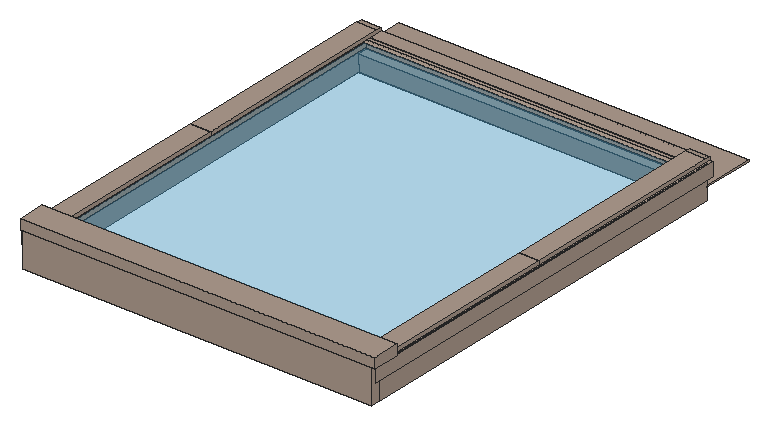
Revit family "GGU_Integra_v_1.01", category Окна, Revit 2017
Family settings
  Основа = Крыша
  Всегда вертикально = Нет
  При загрузке вырезать с полостями = Нет
  Общий = Нет
  Точка расчета площади = Нет
Parameters (values of type "Default")
  g-value = "0.64"
  Youtube clip = ""
  Window Area = 2.14
  Ширина = 1340 mm
  Weight Net (kg) = ""
  Warranty Years = "5 (10 with BDX)"
  Warranty = ""
  Uniclass 2.0 Description = "Roof Window Units"
  Uniclass 2.0 Code = "PR-59-72"
  Uniclass 1.4 Description = "Rooflights/Roof windows"
  Uniclass 1.4 Code = "JL11"
  URL = "http://file-system.ru/catalog/zdaniya_i_sooruzheniya/eksterer/okna/ggu_integra_velux_premium_mansardnoe_okno_/"
  UNSPC code = 301516
  UNSPC Category = "Roofing accessories"
  ThermalTransmittance - Glazing = "1.1"
  ThermalTransmittance = "1.3"
  Thermal bridge(glazing) = 0.057
  Thermal bridge = "0.09"
  Thermal Transmittance(frame) = 1.3
  Technical description = ""
  Stock Product = ""
  Square Reveal Length = 150 mm
  Sound Insulation db = 35
  Roof Slope = 45.00°
  Product identifier = ""
  Product group = "GGU Integra 1.01"
  Product family = "Center pivot hung roof window"
  Product data url = "http://www.velux.co.uk/private/products/velux_roof_windows/pivot/ggl"
  Product certification = ""
  Product SKU = "ggui101"
  Placement Height = 0 mm
  Perimeter Window = 5.88
  Perimeter Glazing = 5.13
  Panel Offset = -119 mm  # constant formula
  Operation Mode = "Electrical"
  Open Window = no
  Offset from Roof = Placement Height + 169 mm  # 169 mm
  Name of the object = "New Generation - GGU Integra"
  NBS Reference Description = "Roof Window Units"
  NBS Reference = "59-72"
  Группа модели = "New Generation - GGU Integra"
  Material secondary = Glass 73Q + ISD 0000
  Material main = Wood
  Manufacturer country = "Denmark"
  Manufacturer URL = "www.velux.com"
  Изготовитель = "VELUX A/S"  # constant formula
  Light transmittance = "0.79"
  Installation instructions = "http://www.velux.co.uk/professionals/installation"
  IFC Classification = "Window"
  Height = 1600 mm
  GlazingAreaFraction = "0.36"
  Function = "Electrical pivot hung roof window"
  Frame Area = 1.78
  Emergency Exit = no
  Edition number = "1"
  EAN code = ""
  Design country = "Denmark"
  Delivery Time = ""
  Date of publishing = "6/27/2013"
  Chain(box)-length = if(Open Window, 200 mm, 17 mm)  # 17 mm
  COBIe Type Category = ""
  Код по классификатору = "B3020110"
  Apron Visible [instance] = yes
  Angled opening top [instance] = 135.00°
  Angled opening bottom [instance] = 135.00°
  Angle = -19.9892°
  Allowed Roof Slope = "15°-90°"
Reference planes
  plane 1 "Center (Front/Back)": y = 0
  plane 2 "Roof": z = 4000
  plane 3 "Center (Left/Right)": x = 0
  plane 4: x = -690.1
  plane 5: x = 690.1
  plane 6: y = 817.561
  plane 7: y = -817.561
  plane 8: y = 75
  plane 9: y = -75
  plane 10: z = 4419
  plane 11: z = 4250
  plane 12: y = -797.561
  plane 13: y = -769.561
  plane 14: y = 769.561
  plane 15: x = -450
  plane 16: x = 450
  plane 17: z = 4331
  plane 18 "Roof Face": z = 4250
  plane 19: x = 463.5
  plane 20: x = -463.5
  plane 21: y = -767.461
  plane 22: z = 4175
  plane 23: y = 897.561
  plane 24: y = -897.561
  plane 25: x = 708.1
  plane 26: x = -708.1
  plane 27: x = 668.602
  plane 28: x = -668.602
  plane 29: x = -628
  plane 30: x = 628
  plane 31: z = 4327.2
  plane 32: z = 4310.2
  plane 33: y = -745.061
  plane 34: y = -801.861
  plane 35: y = 809.139
  plane 36: x = 670
  plane 37: x = -670
  plane 38: y = 798.139
  plane 39: x = 642.697
  plane 40: x = -642.697
Forms (mm)
  Sweep 1, void
    path origin (0, 0, 4000) x (1, 0, 0) y (0, 1, 0)
      loop
        line (642.697, 0) -> (-642.697, 0)
    profile origin (0, 0, 4000) x (0, -1, 0) y (0, 0, 1)
      loop
        line (769.561, 250) -> (-769.561, 250) -> (-769.561, 100) -> (-869.561, 0) -> (869.561, 0) -> (769.561, 100) -> (769.561, 250)
  Sweep 2, solid, material "Wood" <- "Material main"
    path origin (232.881, -1270, 4419) x (0, -1, 0) y (1, 0, 0)
      loop
        line (-502.539, -922.981) -> (-2068.139, -922.981)
    profile origin (-690.1, 15.339, 4419) x (-1, 0, 0) y (0, 0, 1)
      loop
        line (-20.1, -216) -> (-20.1, -88.8) -> (-62.1, -88.8) -> (-62.096, -177.8) -> (-56.388, -216) -> (-20.1, -216)
  Sweep 3, solid, material "Wood" <- "Material main"
    path origin (232.881, -1270, 4419) x (0, -1, 0) y (1, 0, 0)
      loop
        line (-476.789, -922.981) -> (-2087.561, -922.981)
    profile origin (-690.1, 12.175, 4419) x (-1, 0, 0) y (0, 0, 1)
      loop
        line (-12.998, -138.3) -> (-11.998, -138.3) -> (-11.998, -87.65) -> (-38.148, -87.65) -> (-38.148, -78.15) -> (-39.148, -78.15) -> (-39.148, -88.65) -> (-12.998, -88.65) -> (-12.998, -138.3)
  Sweep 4, solid, material "Wood" <- "Material main"
    path origin (232.881, -1270, 4419) x (0, -1, 0) y (1, 0, 0)
      loop
        line (-2068.139, 457.219) -> (-502.539, 457.219)
    profile origin (690.1, 15.339, 4419) x (1, 0, 0) y (0, 0, 1)
      loop
        line (-20.1, -88.8) -> (-62.1, -88.8) -> (-62.096, -177.8) -> (-56.388, -216) -> (-20.1, -216) -> (-20.1, -88.8)
  Sweep 5, solid, material "Wood" <- "Material main"
    path origin (232.881, -1270, 4419) x (0, -1, 0) y (1, 0, 0)
      loop
        line (-452.439, -901.483) -> (-452.439, 435.721)
    profile origin (0, -817.561, 4419) x (0, 1, 0) y (0, 0, 1)
      loop
        line (31.3, -88.1) -> (15.7, -88.1) -> (15.7, -216) -> (56, -216) -> (56, -141.8) -> (39.4, -141.8) -> (39.4, -109.299) -> (31.3, -106.9) -> (31.3, -88.1)
  Sweep 6, solid, material "Wood" <- "Material main"
    path origin (232.881, -1270, 4419) x (0, -1, 0) y (1, 0, 0)
      loop
        line (-2087.561, 402.721) -> (-2087.561, -860.881)
    profile origin (3.801, 817.561, 4419) x (0, -1, 0) y (0, 0, 1)
      loop
        line (19.423, -216) -> (56, -216) -> (56, -160) -> (43.673, -160) -> (32.044, -116.6) -> (19.423, -114.078) -> (19.423, -216)
  Sweep 7, solid, material "Polyurethane color NCS 0500-N"
    path origin (232.881, -1270, 4419) x (0, -1, 0) y (1, 0, 0)
      loop
        line (-452.439, -879.381) -> (-452.439, 413.619)
    profile origin (0, -817.561, 4419) x (0, 1, 0) y (0, 0, 1)
      loop
        line (31.3, -68.816) -> (31.3, -105.016) -> (39.4, -108.113) -> (39.4, -141.8) -> (80.4, -141.8) -> (80.4, -79.8) -> (70.4, -79.8) -> (70.4, -61.1) -> (39.556, -61.1) -> (31.3, -68.816)
  Sweep 8, solid, material "Wood" <- "Material main"
    path origin (232.881, -1270, 4419) x (0, -1, 0) y (1, 0, 0)
      loop
        line (-1270, 457.219) -> (-476.789, 457.219)
    profile origin (690.1, -396.605, 4419) x (1, 0, 0) y (0, 0, 1)
      loop
        line (-22.917, -71) -> (-98.287, -71) -> (-98.287, -84.964) -> (-22.917, -84.964) -> (-22.917, -71)
  Sweep 9, solid, material "Wood" <- "Material main"
    path origin (232.881, -1270, 4419) x (0, -1, 0) y (1, 0, 0)
      loop
        line (-452.439, 445.221) -> (-452.439, -910.983)
    profile origin (0, -817.561, 4419) x (0, -1, 0) y (0, 0, 1)
      loop
        line (-120.7, -87.95) -> (-15.7, -87.95) -> (-15.7, -47.9) -> (-120.7, -47.9) -> (-120.7, -87.95)
  Sweep 10, solid, material "Wood" <- "Material main"
    path origin (232.881, -1270, 4419) x (0, -1, 0) y (1, 0, 0)
      loop
        line (-2087.561, 457.219) -> (-476.789, 457.219)
    profile origin (690.1, 12.175, 4419) x (1, 0, 0) y (0, 0, 1)
      loop
        line (-11.998, -138.3) -> (-11.998, -87.65) -> (-38.148, -87.65) -> (-38.148, -78.15) -> (-39.148, -78.15) -> (-39.148, -88.65) -> (-12.998, -88.65) -> (-12.998, -138.3) -> (-11.998, -138.3)
  Sweep 11, solid, material "Wood" <- "Material main"
    path origin (232.881, -1270, 4419) x (0, -1, 0) y (1, 0, 0)
      loop
        line (-1270, -922.981) -> (-476.789, -922.981)
    profile origin (-690.1, -396.605, 4419) x (1, 0, 0) y (0, 0, 1)
      loop
        line (98.287, -71) -> (22.917, -71) -> (22.917, -84.964) -> (98.287, -84.964) -> (98.287, -71)
  Extrusion 12, solid, material "Wood" <- "Material main", visible <- "Apron Visible"
    sketch origin (232.881, -1380, 4250) x (0, -1, 0) y (1, 0, 0)
      loop
        line (-2178.139, -902.881) -> (-2178.139, 437.119) -> (-2378.139, 437.119) -> (-2378.139, -902.881) -> (-2178.139, -902.881)
    from 0 to 5
Cuts and joins
  joined: Sweep 2, Sweep 4, Sweep 5, Sweep 6
Lines and regions (mm)
  reference lines
    curve 1: line (0, 769.561, 4100) -> (0, -769.561, 4100)
    curve 2: line (0, 769.561, 4100) -> (0, 1179.973, 3689.589)
    curve 3: line (0, -769.561, 4100) -> (0, -1208.257, 3661.304)
    curve 8: line (-690.1, 0, 4419) -> (690.1, 0, 4419)
    curve 9: line (0, 0, 3942.342) -> (0, 845.782, 4250)
  symbolic lines
    curve 4: line (-690.1, 817.561, 4000) -> (0, -75, 4000)
    curve 5: line (0, -75, 4000) -> (690.1, 817.561, 4000)
    curve 6: line (-690.1, -817.561, 4000) -> (0, 75, 4000)
    curve 7: line (0, 75, 4000) -> (690.1, -817.561, 4000)
Dimensions and locks
  equal spacing: host sketch curve, plane 3 "Center (Left/Right)", host sketch curve
  equal spacing: host sketch curve, plane 1 "Center (Front/Back)", host sketch curve
  equal spacing: plane 4, plane 3 "Center (Left/Right)", plane 5
  "Ширина": plane 37 to plane 36
  equal spacing: plane 6, plane 1 "Center (Front/Back)", plane 7
  "Height": plane 38 to plane 34
  "Square Reveal Length": plane 18 "Roof Face" to curve 1
  plane 8 to plane 1 "Center (Front/Back)" to plane 9 = 75 mm locked, 75 mm locked
  locked: plane 7 to plane 12 at 20
  locked: plane 16 to plane 19 at 13.5
  locked: plane 20 to plane 15 at 13.5
  locked: plane 21 to plane 13 at 2.1
  locked: plane 27 to plane 5 at 21.498
  locked: plane 4 to plane 28 at 21.498
  locked: plane 13 to plane 24 at 128
  locked: plane 23 to plane 14 at 128
  locked: plane 7 to plane 13 at 48
  locked: plane 26 to plane 4 at 18
  locked: plane 5 to plane 25 at 18
  locked: plane 23 to plane 6 at 80
  locked: plane 10 to plane 11 at 169
  "Offset from Roof": plane 10 to host roof
  locked: plane 4 to plane 29 at 62.1
  locked: plane 30 to plane 5 at 62.1
  "Chain(box)-length": plane 32 to plane 31
  locked: plane 13 to plane 33 at 24.5
  locked: plane 6 to plane 35 at 8.423
  locked: plane 34 to plane 12 at 4.3
  plane 7 to plane 34 = 15.7 mm
  plane 35 to plane 6 = 8.423 mm
  locked: plane 36 to plane 5 at 20.1
  locked: plane 4 to plane 37 at 20.1
  locked: Extrusion 12 sketch curve to Extrusion 12 sketch curve at 200
  locked: plane 35 to plane 38 at 11
  locked: plane 30 to plane 39 at 14.697
  locked: plane 29 to plane 40 at 14.697
  "Angled opening bottom": angle curve 2 to curve 1
  "Angled opening top": angle curve 1 to curve 3
  angle plane 11 to curve 9 = 19.9892°
  aligned and locked: level to plane 2 "Roof"
  aligned and locked: Sweep 1 sketch curve to plane 1 "Center (Front/Back)"
  aligned and locked: host roof to Sweep 1 sketch curve  (x2)
  aligned and locked: Sweep 1 sketch curve to curve 2
  aligned and locked: Sweep 1 sketch curve to curve 3
  aligned and locked: Sweep 2 sketch curve to plane 4
  aligned and locked: Sweep 3 sketch curve to plane 4
  aligned and locked: plane 6 to Sweep 3 sketch curve
  aligned and locked: Sweep 4 sketch curve to plane 5
  aligned and locked: Sweep 6 sketch curve to plane 6
  aligned and locked: Sweep 7 sketch curve to plane 7
  aligned and locked: plane 1 "Center (Front/Back)" to Sweep 8 sketch curve
  aligned and locked: Sweep 9 sketch curve to plane 7
  aligned and locked: Sweep 10 sketch curve to plane 5
  aligned and locked: Sweep 10 sketch curve to plane 6
  aligned and locked: Sweep 9 sketch curve to Sweep 10
  aligned and locked: Sweep 3 to Sweep 9 sketch curve
  aligned and locked: plane 1 "Center (Front/Back)" to Sweep 11 sketch curve
  aligned and locked: plane 13 to curve 1
  aligned and locked: Sweep 1 sketch curve to plane 13
  aligned and locked: plane 14 to Sweep 1 sketch curve
  aligned and locked: plane 14 to curve 1
  aligned and locked: plane 14 to curve 2
  aligned and locked: Sweep 4 sketch curve to plane 21
  aligned and locked: plane 21 to Sweep 2 sketch curve
  aligned and locked: Sweep 5 sketch curve to plane 27
  aligned and locked: plane 28 to Sweep 5 sketch curve
  aligned and locked: host roof to plane 18 "Roof Face"
  aligned: plane 31 to Sweep 7
  aligned and locked: plane 37 to Extrusion 12 sketch curve
  aligned and locked: Extrusion 12 sketch curve to plane 36
  aligned and locked: plane 38 to Sweep 6 sketch curve
  aligned and locked: Extrusion 12 sketch curve to plane 38
  aligned and locked: plane 40 to Sweep 1 sketch curve
  aligned and locked: plane 39 to Sweep 1 sketch curve
Automatic sketch dimensions
  plane 1 "Center (Front/Back)" to curve 8 = 0 mm
  curve 8 to plane 5 = 0 mm
  plane 4 to curve 8 = 0 mm
  profile plane to Sweep 3 sketch curve = 39.148 mm
  Sweep 3 sketch curve to Sweep 3 sketch curve = 1 mm  (x3)
  profile plane to Sweep 3 sketch curve = 12.998 mm
  Sweep 3 sketch curve to profile plane = 138.3 mm
  Sweep 3 sketch curve to Sweep 3 sketch curve = 49.65 mm
  Sweep 3 sketch curve to Sweep 3 sketch curve = 9.5 mm
  plane 7 to Sweep 5 sketch curve = 0 mm
  profile plane to Sweep 10 sketch curve = 39.148 mm
  Sweep 10 sketch curve to Sweep 10 sketch curve = 1 mm  (x3)
  profile plane to Sweep 10 sketch curve = 12.998 mm
  Sweep 10 sketch curve to profile plane = 138.3 mm
  Sweep 10 sketch curve to profile plane = 88.65 mm
  Sweep 10 sketch curve to Sweep 10 sketch curve = 9.5 mm
  curve 6 to plane 7 = 0 mm
  curve 4 to plane 6 = 0 mm
  curve 7 to plane 8 = 0 mm
  curve 5 to plane 3 "Center (Left/Right)" = 0 mm
  curve 7 to plane 5 = 0 mm
  curve 5 to plane 5 = 0 mm
  plane 7 to curve 7 = 0 mm
  plane 9 to curve 5 = 0 mm
  plane 6 to curve 5 = 0 mm
  curve 6 to plane 3 "Center (Left/Right)" = 0 mm
  plane 4 to curve 4 = 0 mm
  plane 4 to curve 6 = 0 mm
  Sweep 8 sketch curve to plane 5 = 0 mm
  Sweep 11 sketch curve to profile plane = 22.917 mm
  Sweep 11 sketch curve to Sweep 11 sketch curve = 75.37 mm
  Sweep 11 sketch curve to plane 10 = 84.964 mm
  Sweep 11 sketch curve to Sweep 11 sketch curve = 13.964 mm
  profile plane to Sweep 8 sketch curve = 98.287 mm
  profile plane to Sweep 8 sketch curve = 22.917 mm
  Sweep 8 sketch curve to profile plane = 84.964 mm
  Sweep 8 sketch curve to Sweep 8 sketch curve = 13.964 mm
  Sweep 2 sketch curve to profile plane = 216 mm
  profile plane to Sweep 9 sketch curve = 120.7 mm
  Sweep 11 sketch curve to plane 4 = 0 mm
  Sweep 10 sketch curve to plane 7 = 24.35 mm
  Sweep 3 sketch curve to plane 7 = 24.35 mm
  profile plane to Sweep 4 sketch curve = 20.1 mm
  Sweep 2 sketch curve to profile plane = 88.8 mm
  Sweep 9 sketch curve to profile plane = 47.9 mm
  Sweep 9 sketch curve to Sweep 9 sketch curve = 40.05 mm
  Sweep 8 sketch curve to plane 12 = 4.35 mm
  Sweep 11 sketch curve to plane 12 = 4.35 mm
  profile plane to Sweep 9 sketch curve = 15.7 mm
  Sweep 7 sketch curve to profile plane = 31.3 mm
  Sweep 7 sketch curve to Sweep 7 sketch curve = 8.1 mm
  Sweep 7 sketch curve to Sweep 7 sketch curve = 30.844 mm
  Sweep 7 sketch curve to Sweep 7 sketch curve = 10 mm
  Sweep 7 sketch curve to Sweep 7 sketch curve = 7.716 mm
  Sweep 7 sketch curve to Sweep 7 sketch curve = 18.7 mm
  Sweep 7 sketch curve to Sweep 7 sketch curve = 3.097 mm
  Sweep 7 sketch curve to Sweep 7 sketch curve = 8.256 mm
  Sweep 7 sketch curve to profile plane = 141.8 mm
  Sweep 7 sketch curve to Sweep 7 sketch curve = 33.687 mm
  Sweep 7 sketch curve to Sweep 7 sketch curve = 28.313 mm
  Sweep 2 sketch curve to Sweep 2 sketch curve = 0 mm
  profile plane to Sweep 2 sketch curve = 62.1 mm
  profile plane to Sweep 2 sketch curve = 62.096 mm
  Sweep 2 sketch curve to Sweep 2 sketch curve = 5.708 mm
  profile plane to Sweep 2 sketch curve = 20.1 mm
  Sweep 2 sketch curve to Sweep 2 sketch curve = 38.2 mm
  Sweep 7 sketch curve to plane 29 = 18.5 mm
  Sweep 4 sketch curve to Sweep 4 sketch curve = 42 mm
  Sweep 4 sketch curve to profile plane = 216 mm
  Sweep 4 sketch curve to profile plane = 88.8 mm
  Sweep 4 sketch curve to Sweep 4 sketch curve = 36.288 mm
  Sweep 4 sketch curve to Sweep 4 sketch curve = 0 mm
  Sweep 4 sketch curve to Sweep 4 sketch curve = 5.708 mm
  Sweep 4 sketch curve to Sweep 4 sketch curve = 38.2 mm
  Sweep 7 sketch curve to plane 30 = 18.5 mm
  Sweep 5 sketch curve to profile plane = 15.7 mm
  Sweep 5 sketch curve to Sweep 5 sketch curve = 15.6 mm
  Sweep 5 sketch curve to Sweep 5 sketch curve = 8.1 mm
  Sweep 5 sketch curve to Sweep 5 sketch curve = 16.6 mm
  Sweep 5 sketch curve to profile plane = 216 mm
  Sweep 5 sketch curve to Sweep 5 sketch curve = 74.2 mm
  Sweep 5 sketch curve to Sweep 5 sketch curve = 32.501 mm
  Sweep 5 sketch curve to Sweep 5 sketch curve = 2.399 mm
  Sweep 5 sketch curve to Sweep 5 sketch curve = 18.8 mm
  Sweep 6 sketch curve to Sweep 6 sketch curve = 12.621 mm
  Sweep 6 sketch curve to profile plane = 43.673 mm
  Sweep 6 sketch curve to Sweep 6 sketch curve = 12.327 mm
  Sweep 6 sketch curve to profile plane = 216 mm
  Sweep 6 sketch curve to Sweep 6 sketch curve = 56 mm
  Sweep 6 sketch curve to Sweep 6 sketch curve = 43.4 mm
  Sweep 6 sketch curve to Sweep 6 sketch curve = 2.522 mm
  Sweep 2 sketch curve to plane 38 = 0 mm
  Sweep 6 sketch curve to plane 29 = 0 mm
  Sweep 6 sketch curve to plane 39 = 7.095 mm
  plane 38 to Sweep 4 sketch curve = 0 mm
  curve 9 to plane 1 "Center (Front/Back)" = 0 mm
  plane 11 to curve 9 = 0 mm
Nested families
  nested 1: "GGL Integra_Openable" at (0, 0, 4131) x (-1, 0, 0) z (0, 0, 1), built-in parameter 1001364 <- "Panel Offset", type "GGL Integra_Openable"
Definition of nested family "GGL Integra_Openable"
  Parameters
    Window Opening Angle = asin((Chain Length - 17 mm) / (2 * R)) * 2  # 0.00°
    Width = 1340 mm
    R = (Height / 2) - 72.79 mm  # 727.21 mm
    Material Internal = none
    Material External = none
    Height = 1600 mm
    Glazing = none
    Default Elevation = 1219.2 mm
    Chain Length = 17 mm
    Assembly Code = ""
    Angle = (180.00° - Window Opening Angle) / 2  # 90.00°
  Reference planes
    plane 1 "Center (Front/Back)": y = 0
    plane 2: z = 0
    plane 3 "Center (Left/Right)": x = 0
    plane 4: z = 119
  Forms (mm)
    Sweep 1, solid, material <- "Material Internal"
      path origin (0, 0, 119) x (0, -1, 0) y (1, 0, 0)
        loop
          line (-817.562, 593.9) -> (-817.562, -593.9)
      profile origin (0, 817.562, 119) x (0, -1, 0) y (0, 0, 1)
        loop
          line (85.072, 11.857) -> (60.5, 7.745) -> (60.5, -18.705) -> (115.096, -18.705) -> (122.727, 53.9) -> (103.6, 53.9) -> (103.6, 79.9) -> (85.072, 79.9) -> (85.072, 11.857)
        loop
          circle (94.835, -64.876) r 11.99
    Sweep 2, solid, material <- "Material Internal"
      path origin (0, 0, 119) x (0, -1, 0) y (1, 0, 0)
        loop
          line (817.561, -593.9) -> (817.561, 593.9)
      profile origin (0, -817.561, 119) x (0, 1, 0) y (0, 0, 1)
        loop
          line (41.589, -12.8) -> (103.517, -12.8) -> (110.526, 53.892) -> (69.398, 53.892) -> (69.398, 83.3) -> (54.407, 83.3) -> (53.746, 79.556) -> (-4.292, 79.556) -> (-3.889, 64.189) -> (41.589, 55.102) -> (41.589, -12.8)
    Sweep 3, solid, material <- "Material Internal"
      path origin (0, 0, 119) x (0, -1, 0) y (1, 0, 0)
        loop
          line (775.973, 690.1) -> (-732.562, 690.1)
      profile origin (690.1, -21.706, 119) x (-1, 0, 0) y (0, 0, 1)
        loop
          line (65.2, -12.8) -> (96.2, -12.8) -> (96.2, 79.9) -> (65.2, 79.9) -> (65.2, -12.8)
    Sweep 4, solid, material <- "Material Internal"
      path origin (0, 0, 119) x (0, -1, 0) y (1, 0, 0)
        loop
          line (-732.562, -690.1) -> (775.973, -690.1)
      profile origin (-690.1, -21.706, 119) x (1, 0, 0) y (0, 0, 1)
        loop
          line (96.2, -12.8) -> (96.2, 79.9) -> (65.2, 79.9) -> (65.2, -12.8) -> (96.2, -12.8)
    Extrusion 5, solid, material <- "Glazing"
      sketch origin (0, 0, 119) x (0, -1, 0) y (1, 0, 0)
        loop
          line (745.561, 593.1) -> (-707.562, 593.1) -> (-707.562, -593.1) -> (745.561, -593.1) -> (745.561, 593.1)
      from 54 to 58
    Extrusion 6, solid, material <- "Glazing"
      sketch origin (0, 0, 119) x (0, -1, 0) y (1, 0, 0)
        loop
          line (745.561, 593.1) -> (-707.562, 593.1) -> (-707.562, -593.1) -> (745.561, -593.1) -> (745.561, 593.1)
      from 75.5 to 79.5
    Sweep 7, solid, material <- "Material External"
      path origin (0, 0, 119) x (0, -1, 0) y (1, 0, 0)
        loop
          line (817.561, -650.5) -> (817.561, 650.5)
      profile origin (0, -817.561, 119) x (0, 1, 0) y (0, 0, 1)
        loop
          arc (83.524, 81.097) -> (76.247, 83.416) -> (68.65, 84.2) r 37.2
          line (68.65, 84.2) -> (51.813, 84.2) -> (51.171, 80.556) -> (-6.8, 80.556) -> (-6.8, 30.3) -> (-5.8, 30.3) -> (-5.8, 79.556) -> (52.01, 79.556) -> (52.652, 83.2) -> (68.65, 83.2)
          arc (68.65, 83.2) -> (76.194, 82.405) -> (83.406, 80.056) r 36.2
          line (83.406, 80.056) -> (83.524, 81.097)
    Sweep 8, solid, material <- "Material External"
      path origin (0, 0, 119) x (0, -1, 0) y (1, 0, 0)
        loop
          line (817.561, 690.1) -> (0, 690.1)
      profile origin (690.1, -408.781, 119) x (-1, 0, 0) y (0, 0, 1)
        loop
          line (98.287, 84.036) -> (98.287, 98) -> (22.917, 98) -> (22.917, 84.036) -> (98.287, 84.036)
    Sweep 9, solid, material <- "Material External"
      path origin (0, 0, 119) x (0, -1, 0) y (1, 0, 0)
        loop
          line (0, -690.1) -> (817.561, -690.1)
      profile origin (-690.1, -408.781, 119) x (1, 0, 0) y (0, 0, 1)
        loop
          line (22.917, 84.036) -> (98.287, 84.036) -> (98.287, 98) -> (22.917, 98) -> (22.917, 84.036)
    Sweep 10, solid, material <- "Material Internal"
      path origin (0, 0, 119) x (0, -1, 0) y (1, 0, 0)
        loop
          line (-757.061, -593.9) -> (-757.061, -578.9)
      profile origin (-586.4, 757.061, 119) x (0, 1, 0) y (0, 0, 1)
        loop
          arc (-45.33, -60.094) -> (-41.079, -74.789) -> (-25.85, -73.347) r 11.99
          arc (-25.85, -73.347) -> (-8.284, -48.221) -> (0, -18.705) r 91.534
          line (0, -18.705) -> (-44.831, -18.705)
          arc (-44.831, -18.705) -> (-38.204, -39.482) -> (-45.33, -60.094) r 34.582
    Sweep 11, solid, material <- "Material Internal"
      path origin (0, 0, 119) x (0, -1, 0) y (1, 0, 0)
        loop
          line (-757.061, 593.9) -> (-757.061, 578.9)
      profile origin (586.4, 757.061, 119) x (0, -1, 0) y (0, 0, 1)
        loop
          arc (45.33, -60.094) -> (38.204, -39.482) -> (44.831, -18.705) r 34.582
          line (44.831, -18.705) -> (0, -18.705)
          arc (0, -18.705) -> (8.284, -48.221) -> (25.85, -73.347) r 91.534
          arc (25.85, -73.347) -> (41.079, -74.789) -> (45.33, -60.094) r 11.99
    Sweep 12, solid, material <- "Material Internal"
      path origin (0, 0, 119) x (0, -1, 0) y (1, 0, 0)
        loop
          line (-817.562, 7.5) -> (-817.562, -7.5)
      profile origin (0, 817.562, 119) x (0, -1, 0) y (0, 0, 1)
        loop
          arc (105.83, -60.094) -> (98.704, -39.482) -> (105.331, -18.705) r 34.582
          line (105.331, -18.705) -> (60.5, -18.705)
          arc (60.5, -18.705) -> (68.784, -48.221) -> (86.35, -73.347) r 91.534
          arc (86.35, -73.347) -> (101.579, -74.789) -> (105.83, -60.094) r 11.99
    Sweep 13, void
      path origin (667.183, -817.561, 217) x (0, 1, 0) y (-1, 0, 0)
        loop
          line (0, 0) -> (0, 75.37)
      profile origin (629.498, -817.561, 217) x (0, -1, 0) y (0, 0, 1)
        loop
          line (0, 0) -> (-20, 0) -> (0, -3.5) -> (0, 0)
    Sweep 14, void
      path origin (-667.183, 0, 217) x (0, -1, 0) y (1, 0, 0)
        loop
          line (817.561, 0) -> (817.561, 75.37)
      profile origin (-629.498, -817.561, 217) x (0, 1, 0) y (0, 0, 1)
        loop
          line (0, 0) -> (0, -3.5) -> (20, 0) -> (0, 0)
    Sweep 15, solid, material <- "Material External"
      path origin (0, 744.762, 129) x (0, 0, 1) y (0, -1, 0)
        loop
          line (-1, 0) -> (16, 0)
      profile origin (0, 744.762, 136.5) x (0, -1, 0) y (1, 0, 0)
        loop
          line (-2.5, -2.5) -> (2.5, -2.5) -> (2.5, 2.5) -> (-2.5, 2.5) -> (-2.5, -2.5)
  Cuts and joins
    joined: Sweep 1, Sweep 10, Sweep 11, Sweep 12
    Sweep 13, Sweep 14 cuts Sweep 2
    Sweep 13, Sweep 14 cuts Sweep 7
    Sweep 13 cuts Sweep 8
    Sweep 14 cuts Sweep 9
  Lines and regions (mm)
    reference lines
      curve 1: line (0, 0, 119) -> (0, -1680, 119)
      curve 2: line (0, 0, 119) -> (0, 0, 1059)
      curve 3: line (690.1, -817.561, 119) -> (690.1, 817.562, 119)
      curve 4: line (-690.1, -817.561, 119) -> (690.1, -817.561, 119)
      curve 5: line (-690.1, 817.562, 119) -> (-690.1, -817.561, 119)
      curve 6: line (690.1, 817.562, 119) -> (-690.1, 817.562, 119)
      curve 7: line (0, 0, 119) -> (-360, 0, 119)
      curve 8: line (-690.1, -745.561, 119) -> (690.1, -745.561, 119)
      curve 9: line (690.1, 707.562, 119) -> (-690.1, 707.562, 119)
      curve 10: line (593.1, -817.561, 119) -> (593.1, 707.562, 119)
      curve 11: line (-593.1, 707.562, 119) -> (-593.1, -817.561, 119)
      curve 12: line (690.1, 732.562, 119) -> (-690.1, 732.562, 119)
      curve 13: line (690.1, 801.862, 119) -> (-690.1, 801.862, 119)
      curve 14: line (-690.1, -809.138, 119) -> (690.1, -809.138, 119)
      curve 15: line (670, -817.561, 119) -> (670, 817.562, 119)
      curve 16: line (-670, 817.562, 119) -> (-670, -817.561, 119)
      curve 17: line (-690.1, -798.138, 119) -> (690.1, -798.138, 119)
      curve 18: line (0, 817.562, 119) -> (0, 817.562, 128)
      curve 19: line (0, 827.562, 128) -> (0, 625.107, 128)
  Dimensions and locks
    locked: plane 4 to level at 119
    equal spacing: curve 5, curve 1, curve 3
    "Width": curve 16 to curve 15
    equal spacing: curve 6, curve 7, curve 4
    "Height": curve 17 to curve 13
    locked: curve 4 to curve 8 at 72
    locked: curve 6 to curve 9 at 110
    locked: curve 10 to curve 3 at 97
    locked: curve 5 to curve 11 at 97
    locked: curve 4 to Sweep 3 sketch curve at 41.589
    locked: curve 4 to Sweep 4 sketch curve at 41.589
    locked: curve 6 to curve 12 at 85
    locked: Sweep 10 sketch curve to cut or joined group of Sweep 1, Sweep 10, Sweep 11, Sweep 12 at 15
    locked: Sweep 11 sketch curve to cut or joined group of Sweep 1, Sweep 10, Sweep 11, Sweep 12 at 15
    Sweep 12 sketch curve to curve 1 to Sweep 12 sketch curve = 7.5 mm locked, 7.5 mm locked
    locked: curve 6 to curve 13 at 15.7
    locked: curve 4 to curve 14 at 8.423
    locked: curve 5 to curve 16 at 20.1
    locked: curve 15 to curve 3 at 20.1
    locked: curve 14 to curve 17 at 11
    locked: Sweep 3 to Sweep 7 sketch curve at 56.6
    locked: Sweep 7 sketch curve to Sweep 4 at 56.6
    locked: curve 3 to curve 19 at 9
    "Chain Length": Sweep 15 sketch curve to Sweep 15 sketch curve
    locked: Sweep 15 sketch curve to curve 18 at 72.8
    "Window Opening Angle": angle plane 4 to curve 1
    locked: curve 1 to curve 2 (angle 90.00°)
    locked: curve 7 to curve 1 (angle 90.00°)
    locked: curve 7 to curve 2 (angle 90.00°)
    "Angle": angle Sweep 15 sketch curve to curve 19
    locked: curve 18 to curve 3 (angle 90.00°)
    aligned and locked: level to plane 2
    aligned and locked: curve 6 to Sweep 1 sketch curve
    aligned and locked: curve 4 to Sweep 2 sketch curve
    aligned and locked: curve 3 to Sweep 3 sketch curve
    aligned and locked: curve 5 to Sweep 4 sketch curve
    aligned and locked: curve 10 to Extrusion 5 sketch curve
    aligned and locked: curve 8 to Extrusion 5 sketch curve
    aligned and locked: Extrusion 5 sketch curve to curve 11
    aligned and locked: curve 9 to Extrusion 5 sketch curve
    aligned and locked: curve 10 to Extrusion 6 sketch curve
    aligned and locked: curve 8 to Extrusion 6 sketch curve
    aligned and locked: Extrusion 6 sketch curve to curve 11
    aligned and locked: curve 9 to Extrusion 6 sketch curve
    aligned and locked: curve 4 to Sweep 7 sketch curve
    aligned and locked: curve 3 to Sweep 8 sketch curve
    aligned and locked: curve 5 to Sweep 9 sketch curve
    aligned and locked: Sweep 9 sketch curve to curve 4
    aligned and locked: curve 7 to Sweep 9 sketch curve
    aligned and locked: curve 4 to Sweep 8 sketch curve
    aligned and locked: Sweep 8 sketch curve to curve 7
    aligned and locked: Sweep 3 sketch curve to curve 12
    aligned and locked: curve 12 to Sweep 4 sketch curve
    aligned and locked: Sweep 10 sketch curve to cut or joined group of Sweep 1, Sweep 10, Sweep 11, Sweep 12  (x2)
    aligned and locked: cut or joined group of Sweep 1, Sweep 10, Sweep 11, Sweep 12 to Sweep 11 sketch curve
    aligned and locked: Sweep 11 sketch curve to cut or joined group of Sweep 1, Sweep 10, Sweep 11, Sweep 12
    aligned and locked: curve 6 to Sweep 12 sketch curve
    aligned and locked: Sweep 13 sketch curve to Sweep 8  (x3)
    aligned and locked: Sweep 8 to Sweep 13 sketch curve
    aligned and locked: profile plane to Sweep 13 sketch curve
    aligned and locked: Sweep 14 sketch curve to Sweep 9  (x3)
    aligned and locked: Sweep 9 to Sweep 14 sketch curve
    aligned and locked: profile plane to Sweep 14 sketch curve
    aligned and locked: Sweep 2 sketch curve to Sweep 4
    aligned and locked: Sweep 3 to Sweep 2 sketch curve
    aligned and locked: Sweep 4 to Sweep 1 sketch curve
    aligned and locked: Sweep 1 sketch curve to Sweep 3
    aligned and locked: curve 6 to curve 18
    aligned and locked: curve 18 to curve 5
    aligned and locked: curve 19 to Sweep 15 sketch curve
  Automatic sketch dimensions
    curve 2 to plane 1 "Center (Front/Back)" = 0 mm
    curve 2 to plane 4 = 0 mm
    curve 7 to curve 1 = 0 mm
    curve 7 to curve 1 = 360 mm
    profile plane to Sweep 1 sketch curve = 7.745 mm
    Sweep 1 sketch curve to profile plane = 60.5 mm
    profile plane to Sweep 1 sketch curve = 11.857 mm
    Sweep 1 sketch curve to Sweep 1 sketch curve = 24.572 mm
    Sweep 1 sketch curve to Sweep 1 sketch curve = 34.335 mm
    Sweep 1 sketch curve to Sweep 1 sketch curve = 18.528 mm
    Sweep 1 sketch curve to profile plane = 18.705 mm
    Sweep 1 sketch curve to Sweep 1 sketch curve = 30.024 mm
    profile plane to Sweep 1 sketch curve = 53.9 mm
    Sweep 1 sketch curve to Sweep 1 sketch curve = 19.127 mm
    Sweep 1 sketch curve to Sweep 1 sketch curve = 46.17 mm
    Sweep 1 sketch curve to Sweep 1 sketch curve = 26 mm
    profile plane to Sweep 2 sketch curve = 4.292 mm
    profile plane to Sweep 2 sketch curve = 3.889 mm
    Sweep 2 sketch curve to profile plane = 12.8 mm
    Sweep 2 sketch curve to profile plane = 41.589 mm
    Sweep 2 sketch curve to Sweep 2 sketch curve = 12.158 mm
    Sweep 2 sketch curve to Sweep 2 sketch curve = 0.66 mm
    Sweep 2 sketch curve to Sweep 2 sketch curve = 27.809 mm
    Sweep 2 sketch curve to Sweep 2 sketch curve = 61.928 mm
    profile plane to Sweep 2 sketch curve = 53.892 mm
    Sweep 2 sketch curve to Sweep 2 sketch curve = 41.128 mm
    Sweep 2 sketch curve to Sweep 2 sketch curve = 1.21 mm
    Sweep 2 sketch curve to Sweep 2 sketch curve = 9.087 mm
    Sweep 2 sketch curve to Sweep 2 sketch curve = 15.367 mm
    Sweep 2 sketch curve to Sweep 2 sketch curve = 3.744 mm
    Sweep 7 sketch curve to Sweep 7 sketch curve = 0 mm  (x2)
    profile plane to Sweep 7 sketch curve = 6.8 mm
    Sweep 7 sketch curve to Sweep 7 sketch curve = 1 mm  (x2)
    Sweep 7 sketch curve to profile plane = 51.171 mm
    Sweep 7 sketch curve to Sweep 7 sketch curve = 0.643 mm
    Sweep 7 sketch curve to Sweep 7 sketch curve = 0.839 mm  (x2)
    Sweep 7 sketch curve to Sweep 7 sketch curve = 15.998 mm
    Sweep 7 sketch curve to Sweep 7 sketch curve = 14.756 mm
    Sweep 7 sketch curve to Sweep 7 sketch curve = 0.118 mm
    profile plane to Sweep 7 sketch curve = 30.3 mm
    profile plane to Sweep 7 sketch curve = 47 mm
    Sweep 7 sketch curve to Sweep 7 sketch curve = 32.556 mm
    Sweep 7 sketch curve to Sweep 7 sketch curve = 0.5 mm
    Sweep 7 sketch curve to Sweep 7 sketch curve = 1.041 mm
    Sweep 8 sketch curve to profile plane = 22.917 mm
    Sweep 8 sketch curve to Sweep 8 sketch curve = 75.37 mm
    profile plane to Sweep 8 sketch curve = 84.036 mm
    Sweep 8 sketch curve to Sweep 8 sketch curve = 13.964 mm
    Sweep 9 sketch curve to profile plane = 22.917 mm
    Sweep 9 sketch curve to Sweep 9 sketch curve = 75.37 mm
    profile plane to Sweep 9 sketch curve = 84.036 mm
    Sweep 9 sketch curve to Sweep 9 sketch curve = 13.964 mm
    Sweep 10 sketch curve to profile plane = 0 mm
    profile plane to Sweep 10 sketch curve = 25.85 mm
    Sweep 10 sketch curve to Sweep 10 sketch curve = 8.485 mm
    Sweep 10 sketch curve to profile plane = 18.705 mm
    profile plane to Sweep 10 sketch curve = 44.831 mm
    Sweep 10 sketch curve to Sweep 10 sketch curve = 10.995 mm
    Sweep 10 sketch curve to Sweep 10 sketch curve = 27.454 mm
    Sweep 10 sketch curve to profile plane = 9.078 mm
    Sweep 10 sketch curve to Sweep 10 sketch curve = 18.243 mm
    Sweep 10 sketch curve to Sweep 10 sketch curve = 8.471 mm
    profile plane to Sweep 11 sketch curve = 0 mm
    Sweep 11 sketch curve to profile plane = 25.85 mm
    Sweep 11 sketch curve to Sweep 11 sketch curve = 8.485 mm
    Sweep 11 sketch curve to profile plane = 18.705 mm
    Sweep 11 sketch curve to Sweep 11 sketch curve = 44.831 mm
    Sweep 11 sketch curve to Sweep 11 sketch curve = 10.995 mm
    Sweep 11 sketch curve to Sweep 11 sketch curve = 27.454 mm
    Sweep 11 sketch curve to profile plane = 9.078 mm
    Sweep 11 sketch curve to Sweep 11 sketch curve = 18.243 mm
    Sweep 11 sketch curve to Sweep 11 sketch curve = 8.471 mm
    Sweep 12 sketch curve to profile plane = 18.705 mm
    Sweep 12 sketch curve to profile plane = 60.5 mm
    Sweep 12 sketch curve to Sweep 12 sketch curve = 25.85 mm
    Sweep 12 sketch curve to Sweep 12 sketch curve = 8.485 mm
    Sweep 12 sketch curve to Sweep 12 sketch curve = 44.831 mm
    Sweep 12 sketch curve to Sweep 12 sketch curve = 10.995 mm
    Sweep 12 sketch curve to Sweep 12 sketch curve = 27.454 mm
    Sweep 12 sketch curve to profile plane = 9.078 mm
    Sweep 12 sketch curve to Sweep 12 sketch curve = 18.243 mm
    Sweep 12 sketch curve to Sweep 12 sketch curve = 8.471 mm
    Sweep 13 sketch curve to Sweep 13 sketch curve = 20 mm
    Sweep 13 sketch curve to profile plane = 3.5 mm
    Sweep 14 sketch curve to profile plane = 20 mm
    Sweep 14 sketch curve to Sweep 14 sketch curve = 3.5 mm
    Sweep 3 sketch curve to profile plane = 12.8 mm
    Sweep 3 sketch curve to profile plane = 65.2 mm
    Sweep 4 sketch curve to profile plane = 65.2 mm
    Sweep 4 sketch curve to Sweep 4 sketch curve = 92.7 mm
    Sweep 3 sketch curve to Sweep 3 sketch curve = 92.7 mm
    Sweep 4 sketch curve to Sweep 4 sketch curve = 31 mm
    Sweep 4 sketch curve to profile plane = 12.8 mm
    Sweep 3 sketch curve to Sweep 3 sketch curve = 31 mm
    Sweep 15 sketch curve to profile plane = 2.5 mm  (x2)
    profile plane to Sweep 15 sketch curve = 2.5 mm  (x2)
    curve 18 to curve 19 = 10 mm
    curve 19 to curve 18 = 192.454 mm
    radius of Sweep 1 sketch curve = 11.99 mm
